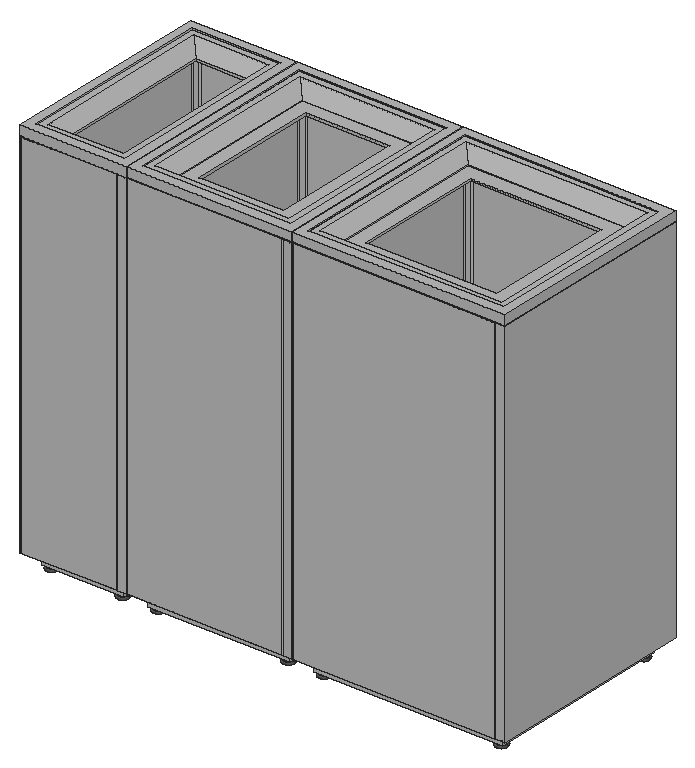
Revit family "REVIT-MG-1063-Valuta-", category Furniture, Revit 2016
Family settings
  OmniClass Number = 23.40.20.00
  OmniClass Title = General Furniture and Specialties
  Work Plane-Based = No
  Always vertical = Yes
  Cut with Voids When Loaded = No
  Shared = No
  Room Calculation Point = No
Parameters (values of type "MG-1063")
  URL = "www.magnusongroup.com"
  Type Comments = "Stand Alone"  # constant formula
  Salvage or Reuse = yes
  Percentage of Recycled Content = 0
  Model = "MG-1063"
  Manufacturer = "Magnuson Group"  # constant formula
  Low Emitting Material = yes
  Low Emitting Finish = yes
  Revit File Built By = "https://servex-us.com/servex-revit/"
  Description = "Valuta Waste Receptacle"
Reference planes (in)
  plane 1 "Center Front/Back": y = 0
  plane 2: z = 0
  plane 3 "Center Left/Right": x = 0
Dimensions and locks (in)
  aligned and locked: level to plane 2
Nested families (in)
  nested 1: "Magnuson-Valuta_1814L" at (16, -9, 0), type "VA1814L-Waste"
    with Sign Holder Magnetic no, Sign Holder Acrylic no
  nested 2: "Magnuson-Valuta_1809L" at (4.5, -9, 0), type "VA1809L-Waste"
    with Sign Holder Magnetic no, Sign Holder Acrylic no
  nested 3: "Magnuson-Valuta_1818L" at (32, -9, 0), type "VA1818L-Waste"
    with Sign Holder Magnetic no, Sign Holder Acrylic no
Definition of nested family "Magnuson-Valuta_1814L"
  Parameters (values of type "VA1814L-Circle")
    Width = 14"
    Waste = no
    URL = "www.magnusongroup.com"
    Type Comments = "Valuta"  # constant formula
    Top Finish = none
    Top 2 = or(Security, Security 45°)  # no
    Top 1 = not(or(Security, Security 45°))  # yes
    Support Finish = none
    Sign Holder Magnetic [instance] = no
    Sign Holder Acrylic [instance] = no
    Security 45° = no
    Security = no
    Revit File Built By = "https://servex-us.com/servex-revit/"
    Paper/Circle 45° = no
    Paper/Circle = no
    Paper 45° = no
    Paper = no
    Model = "VA1814L-Circle"
    Manufacturer = "Magnuson Group"  # constant formula
    Magnetic Finish = none
    Lock Finish = none
    Laminate = yes
    Keynote = "12500"
    Height = 33 3/4"
    Glide Finish = none
    Dist Sec = if(or(Security, Security 45°), Width - 1", 1/32")  # 1/32"
    Description = "32 gallon body waste receptacle - circle opening - internal rigid liner."
    Depth = 18"
    Cost = 0  # constant formula
    Circle = yes
    Body Finish = none
    Base Finish = none
    Assembly Code = "E2020200"
    Acrylic Finish = none
  Types (5): name | Waste | Top 2 | Top 1 | Security | Paper/Circle | Paper | Model | Dist Sec | Description | Circle
    VA1814L-Sec | no | yes | no | yes | no | no | "VA1814L-Sec" | 13" | "32 gallon body waste receptacle - internal rigid liner - locking top 1/2\" wide opening." | no
    VA1814L-Circle | no | no | yes | no | no | no | "VA1814L-Circle" | 1/32" | "32 gallon body waste receptacle - circle opening - internal rigid liner." | yes
    VA1814L-Waste | yes | no | yes | no | no | no | "VA1814L-Waste" | 1/32" | "32 gallon body waste receptacle - waste opening - internal rigid liner." | no
    VA1814L-Paper-Circle | no | no | yes | no | yes | no | "VA1814L-Paper-Circle" | 1/32" | "32 gallon body waste receptacle - paper/circle opening - internal rigid liner." | no
    VA1814L-Paper | no | no | yes | no | no | yes | "VA1814L-Paper" | 1/32" | "32 gallon body waste receptacle - paper opening - internal rigid liner." | no
  Reference planes (in)
    plane 1 "Center (Front/Back)": y = 0
    plane 2: z = 0
    plane 3 "Center (Left/Right)": x = 0
    plane 4: y = -9
    plane 5: y = 9
    plane 6: x = -7
    plane 7: x = 7
    plane 8: z = 33.75
    plane 9: z = 0.3467
    plane 10: z = 1.3652
    plane 11: z = 1.4252
    plane 12: z = 19
    plane 13: y = 7.5
    plane 14: y = -7.5
    plane 15: x = -5.5
    plane 16: x = 5.5
    plane 17: z = 32.86
  Forms (in)
    Extrusion 1, solid, material <- "Body Finish"
      sketch origin (0, 0, 0) x (1, 0, 0) y (0, 1, 0)
        loop
          line (-7, 9) -> (-7, -9) -> (6.15548, -9) -> (6.22548, -8.93) -> (6.64, -8.93) -> (6.64, -8.895) -> (6.21099, -8.895) -> (6.14099, -8.965) -> (-6.965, -8.965) -> (-6.965, 8.965) -> (-6.25, 8.965) -> (-6.25, 9) -> (-7, 9)
        loop
          line (7, -9) -> (7, 9) -> (-6.13557, 9) -> (-6.20557, 8.93) -> (-6.64, 8.93) -> (-6.64, 8.895) -> (-6.19107, 8.895) -> (-6.12107, 8.965) -> (6.965, 8.965) -> (6.965, -8.965) -> (6.25, -8.965) -> (6.25, -9) -> (7, -9)
      from 1.3652 to 32.86
    Sweep 2, solid, material <- "Base Finish"
      path origin (0, 0, 0) x (1, 0, 0) y (0, 1, 0)
        loop
          line (-6, 8) -> (-6, -8) -> (6, -8) -> (6, 8) -> (-6, 8)
      profile origin (0, 8, 0) x (0, 1, 0) y (0, 0, 1)
        loop
          line (0, 0.3467) -> (0, 1.3652) -> (-1, 1.3652) -> (-1, 0.3467) -> (0, 0.3467)
    Extrusion 3, solid, material <- "Body Finish"
      sketch origin (0, 0, 0) x (1, 0, 0) y (0, 1, 0)
        loop
          line (-6.965, 8.965) -> (-6.965, -8.965) -> (6.965, -8.965) -> (6.965, 8.965) -> (-6.965, 8.965)
      from 1.3652 to 1.4252
    Sweep 4, solid, material <- "Top Finish"
      path origin (0, 0, 24.76772) x (1, 0, 0) y (0, 1, 0)
        loop
          line (-7, 9) -> (-7, -9) -> (7, -9) -> (7, 9) -> (-7, 9)
      profile origin (-7, 0, 24.76772) x (1, 0, 0) y (0, 0, 1)
        loop
          line (2.20362, 7.825) -> (1.30862, 8.89163) -> (0.75, 8.89163) -> (0.75, 8.98228) -> (0, 8.98228) -> (0, 8.15478) -> (0.0625, 8.09228) -> (1.71827, 8.09228) -> (2.11036, 7.625) -> (2.20362, 7.625) -> (2.20362, 7.825)
    Revolve 5, solid, material <- "Glide Finish"
      sketch origin (-7.5, 7.5, 47.24409) x (-1, 0, 0) y (0, 0, 1)
        loop
          line (-2, -46.62239) -> (-2.09, -46.62239) -> (-2.09, -47.08409) -> (-2.42983, -47.08409)
          arc (-2.42983, -47.08409) -> (-2.50983, -47.16409) -> (-2.42983, -47.24409) r 0.08
          line (-2.42983, -47.24409) -> (-2, -47.24409) -> (-2, -46.62239)
        axis (-2, -47.24409) -> (-2, -46.62239)
      angle from 0 to 360
    Extrusion 6, solid, material <- "Glide Finish"
      sketch origin (-0.175, 0.175, 0) x (1, 0, 0) y (0, 1, 0)
        loop
          line (-5.70347, 7.325) -> (-5.51423, 6.99724) -> (-5.13577, 6.99724) -> (-4.94653, 7.325) -> (-5.13577, 7.65276) -> (-5.51423, 7.65276) -> (-5.70347, 7.325)
      from 0.16 to 0.32
    Extrusion 7, solid, material <- "Glide Finish"
      sketch origin (14.825, 0.175, 0) x (1, 0, 0) y (0, 1, 0)
        loop
          line (-9.70347, 7.325) -> (-9.51423, 6.99724) -> (-9.13577, 6.99724) -> (-8.94653, 7.325) -> (-9.13577, 7.65276) -> (-9.51423, 7.65276) -> (-9.70347, 7.325)
      from 0.16 to 0.32
    Revolve 8, solid, material <- "Glide Finish"
      sketch origin (7.5, 7.5, 47.24409) x (-1, 0, 0) y (0, 0, 1)
        loop
          line (2, -46.62239) -> (1.91, -46.62239) -> (1.91, -47.08409) -> (1.57017, -47.08409)
          arc (1.57017, -47.08409) -> (1.49017, -47.16409) -> (1.57017, -47.24409) r 0.08
          line (1.57017, -47.24409) -> (2, -47.24409) -> (2, -46.62239)
        axis (2, -47.24409) -> (2, -46.62239)
      angle from 0 to 360
    Extrusion 9, solid, material <- "Glide Finish"
      sketch origin (-0.175, -14.825, 0) x (1, 0, 0) y (0, 1, 0)
        loop
          line (-5.70347, 7.325) -> (-5.51423, 6.99724) -> (-5.13577, 6.99724) -> (-4.94653, 7.325) -> (-5.13577, 7.65276) -> (-5.51423, 7.65276) -> (-5.70347, 7.325)
      from 0.16 to 0.32
    Extrusion 10, solid, material <- "Glide Finish"
      sketch origin (14.825, -14.825, 0) x (1, 0, 0) y (0, 1, 0)
        loop
          line (-9.70347, 7.325) -> (-9.51423, 6.99724) -> (-9.13577, 6.99724) -> (-8.94653, 7.325) -> (-9.13577, 7.65276) -> (-9.51423, 7.65276) -> (-9.70347, 7.325)
      from 0.16 to 0.32
    Revolve 11, solid, material <- "Glide Finish"
      sketch origin (-7.5, -7.5, 47.24409) x (-1, 0, 0) y (0, 0, 1)
        loop
          line (-2, -46.62239) -> (-2.09, -46.62239) -> (-2.09, -47.08409) -> (-2.42983, -47.08409)
          arc (-2.42983, -47.08409) -> (-2.50983, -47.16409) -> (-2.42983, -47.24409) r 0.08
          line (-2.42983, -47.24409) -> (-2, -47.24409) -> (-2, -46.62239)
        axis (-2, -47.24409) -> (-2, -46.62239)
      angle from 0 to 360
    Revolve 12, solid, material <- "Glide Finish"
      sketch origin (-7.5, -7.5, 47.24409) x (-1, 0, 0) y (0, 0, 1)
        loop
          line (-13, -46.62239) -> (-13.09, -46.62239) -> (-13.09, -47.08409) -> (-13.42983, -47.08409)
          arc (-13.42983, -47.08409) -> (-13.50983, -47.16409) -> (-13.42983, -47.24409) r 0.08
          line (-13.42983, -47.24409) -> (-13, -47.24409) -> (-13, -46.62239)
        axis (-13, -47.24409) -> (-13, -46.62239)
      angle from 0 to 360
    Extrusion 13, solid, material <- "Top Finish"
      sketch origin (0, 0, 0) x (0, 1, 0) y (0, 0, 1)
        loop
          line (-6.5, 32.49272) -> (-6.5, 32.59272) -> (-6.93456, 33.65935) -> (-7.73357, 33.65935) -> (-7.73357, 32.49272) -> (-6.5, 32.49272)
      from -6.5 to -6.46875
    Extrusion 14, solid, material <- "Lock Finish", visible <- "Top 2"
      sketch origin (0, 0, 0) x (1, 0, 0) y (0, 1, 0)
        loop
          circle (0, -7.59228) r 0.25
      from 33.75 to 33.8125
  Cuts and joins
    joined: Sweep 4, Extrusion 13
  Lines and regions (in)
    symbolic lines
      curve 1: line (7, 9, 0) -> (-7, 9, 0)
      curve 2: line (-7, -9, 0) -> (7, -9, 0)
      curve 3: line (6.25, 8.25, 0) -> (6.25, -8.25, 0)
      curve 4: line (6.25, -8.25, 0) -> (-6.25, -8.25, 0)
      curve 5: line (-6.25, -8.25, 0) -> (-6.25, 8.25, 0)
      curve 6: line (5.69138, 7.69138, 0) -> (-5.69138, 7.69138, 0)
      curve 7: line (-6.25, 8.25, 0) -> (6.25, 8.25, 0)
      curve 8: line (-5.69138, 7.69138, 0) -> (-5.69138, -6.93456, 0)
      curve 11: line (-4.79638, 6.79638, 0) -> (4.79638, 6.79638, 0)
      curve 13: line (4.79638, 6.79638, 0) -> (4.79638, -6.5, 0)
      curve 17: line (-5.69138, 7.69138, 0) -> (-4.79638, 6.79638, 0)
      curve 18: line (5.69138, 7.69138, 0) -> (4.79638, 6.79638, 0)
      curve 24: line (5.69138, -6.93456, 0) -> (5.69138, 7.69138, 0)
      curve 25: line (-4.79638, -6.5, 0) -> (-4.79638, 6.79638, 0)
      curve 33: line (-7, 9, 0) -> (-7, -9, 0)
      curve 34: line (7, -9, 0) -> (7, 9, 0)
    symbolic lines, visible <- "Top 1"
      curve 9: line (5.69138, -7.69138, 0) -> (5.69138, -6.93456, 0)
      curve 10: line (-5.69138, -7.69138, 0) -> (5.69138, -7.69138, 0)
      curve 12: line (-4.79638, -6.79638, 0) -> (-4.79638, -6.5, 0)
      curve 14: line (4.79638, -6.79638, 0) -> (-4.79638, -6.79638, 0)
      curve 15: line (5.69138, -7.69138, 0) -> (4.79638, -6.79638, 0)
      curve 16: line (-4.79638, -6.79638, 0) -> (-5.69138, -7.69138, 0)
      curve 23: line (-5.69138, -6.93456, 0) -> (-5.69138, -7.69138, 0)
      curve 26: line (4.79638, -6.5, 0) -> (4.79638, -6.79638, 0)
    symbolic lines, detail levels fine
      curve 19: circle (-5.5, 7.5, 0) r 0.50866 normal (0, 0, 1)
      curve 20: circle (5.5, 7.5, 0) r 0.50866 normal (0, 0, -1)
      curve 21: circle (-5.5, -7.5, 0) r 0.50866 normal (0, 0, -1)
      curve 22: circle (5.5, -7.5, 0) r 0.50866 normal (0, 0, 1)
    symbolic lines, visible <- "Top 2"
      curve 27: line (-5.69138, -6.93456, 0) -> (5.69138, -6.93456, 0)
      curve 28: line (4.79638, -6.5, 0) -> (5.69138, -6.93456, 0)
      curve 29: line (4.79638, -6.5, 0) -> (-4.79638, -6.5, 0)
      curve 30: line (-4.79638, -6.5, 0) -> (-5.69138, -6.93456, 0)
      curve 31: arc (0.25, -7.59228, 0) -> (0, -7.34228, 0) -> (-0.25, -7.59228, 0) r 0.25
      curve 32: arc (-0.25, -7.59228, 0) -> (0, -7.84228, 0) -> (0.25, -7.59228, 0) r 0.25
  Dimensions and locks (in)
    equal spacing: plane 5, plane 1 "Center (Front/Back)", plane 4
    "Depth": plane 5 to plane 4
    equal spacing: plane 6, plane 3 "Center (Left/Right)", plane 7
    "Width": plane 6 to plane 7
    "Height": plane 8 to plane 2
    locked: plane 12 to level at 19
    plane 6 to Extrusion 1 sketch curve to Extrusion 1 sketch curve to Extrusion 1 sketch curve to Extrusion 1 sketch curve to Extrusion 1 sketch curve = 0.36" locked, 0.43443" locked, 0.0145" locked, 0.0555" locked, 0.0145" locked
    plane 5 to Extrusion 1 sketch curve to Extrusion 1 sketch curve to Extrusion 1 sketch curve = 0.035" locked, 0.035" locked, 0.035" locked
    locked: Extrusion 1 sketch curve to plane 5 at 0.035
    locked: Extrusion 1 sketch curve to plane 7 at 0.035
    plane 4 to Extrusion 1 sketch curve to Extrusion 1 sketch curve to Extrusion 1 sketch curve to Extrusion 1 sketch curve = 0.035" locked, 0" locked, 0.035" locked, 0.035" locked
    plane 7 to Extrusion 1 sketch curve to Extrusion 1 sketch curve to Extrusion 1 sketch curve to Extrusion 1 sketch curve to Extrusion 1 sketch curve = 0.36" locked, 0.41452" locked, 0.0145" locked, 0.0555" locked, 0.0145" locked
    locked: plane 6 to plane 15 at 1.5
    locked: plane 16 to plane 7 at 1.5
    locked: plane 5 to plane 13 at 1.5
    locked: plane 4 to plane 14 at 1.5
    plane 15 to Revolve 5 sketch curve to Revolve 5 sketch curve = 0.09" locked, 87/256" locked
    Extrusion 6 sketch curve to Extrusion 6 sketch curve to Extrusion 6 sketch curve to plane 15 to Extrusion 6 sketch curve to Extrusion 6 sketch curve to Extrusion 6 sketch curve = 0.18923" locked, 0" locked, 0.18923" locked, 0.18923" locked, 0" locked, 0.18923" locked
    Extrusion 6 sketch curve to Extrusion 6 sketch curve to Extrusion 6 sketch curve to plane 13 to Extrusion 6 sketch curve = 0.32776" locked, 0" locked, 0" locked, 0.32776" locked
    plane 16 to Revolve 8 sketch curve to Revolve 8 sketch curve = 0.09" locked, 87/256" locked
    Extrusion 9 sketch curve to Extrusion 9 sketch curve to Extrusion 9 sketch curve to plane 15 to Extrusion 9 sketch curve to Extrusion 9 sketch curve to Extrusion 9 sketch curve = 0.18923" locked, 0" locked, 0.18923" locked, 0.18923" locked, 0" locked, 0.18923" locked
    Extrusion 9 sketch curve to Extrusion 9 sketch curve to Extrusion 9 sketch curve to plane 14 to Extrusion 9 sketch curve = 0.32776" locked, 0" locked, 0" locked, 0.32776" locked
    Extrusion 7 sketch curve to Extrusion 7 sketch curve to Extrusion 7 sketch curve to plane 13 to Extrusion 7 sketch curve = 0.32776" locked, 0" locked, 0" locked, 0.32776" locked
    Extrusion 7 sketch curve to Extrusion 7 sketch curve to Extrusion 7 sketch curve to plane 16 to Extrusion 7 sketch curve to Extrusion 7 sketch curve to Extrusion 7 sketch curve = 0.18923" locked, 0" locked, 0.18923" locked, 0.18923" locked, 0" locked, 0.18923" locked
    Extrusion 10 sketch curve to Extrusion 10 sketch curve to Extrusion 10 sketch curve to plane 14 to Extrusion 10 sketch curve = 0.32776" locked, 0" locked, 0" locked, 0.32776" locked
    Extrusion 10 sketch curve to Extrusion 10 sketch curve to Extrusion 10 sketch curve to plane 16 to Extrusion 10 sketch curve to Extrusion 10 sketch curve to Extrusion 10 sketch curve = 0.18923" locked, 0" locked, 0.18923" locked, 0.18923" locked, 0" locked, 0.18923" locked
    plane 15 to Revolve 11 sketch curve to Revolve 11 sketch curve = 0.09" locked, 87/256" locked
    plane 16 to Revolve 12 sketch curve to Revolve 12 sketch curve = 0.09" locked, 87/256" locked
    plane 8 to Sweep 4 sketch curve to Sweep 4 sketch curve to Sweep 4 sketch curve = 0.09065" locked, 1.06663" locked, 0.2" locked
    plane 11 to plane 10 to plane 9 to level = 0.06" locked, 1.0185" locked, 0.3467" locked
    locked: plane 8 to plane 17 at 0.89
    Extrusion 13 sketch curve to Extrusion 13 sketch curve to plane 14 to Extrusion 13 sketch curve = 0.43456" locked, 0.56544" locked, 0.23357" locked
    Extrusion 13 sketch curve to Extrusion 13 sketch curve to Extrusion 13 sketch curve to plane 8 = 0.1" locked, 1.06663" locked, 0.09065" locked
    locked: plane 6 to Extrusion 13 at 0.5
    "Dist Sec": Extrusion 13 to Extrusion 13
    locked: Extrusion 14 to plane 8 at 0.0625
    locked: Extrusion 14 sketch curve to plane 14 at 0.09228
    aligned and locked: level to plane 2
    aligned and locked: plane 5 to Extrusion 1 sketch curve
    aligned and locked: Extrusion 1 sketch curve to plane 6
    aligned and locked: plane 4 to Extrusion 1 sketch curve
    aligned and locked: Extrusion 1 sketch curve to plane 7
    aligned and locked: Extrusion 1 to plane 10
    aligned and locked: profile plane to Sweep 2 sketch curve
    aligned and locked: Extrusion 3 sketch curve to Extrusion 1  (x4)
    aligned and locked: Extrusion 3 to plane 10
    aligned and locked: plane 11 to Extrusion 3
    aligned and locked: Sweep 2 sketch curve to plane 9
    aligned and locked: Sweep 4 sketch curve to plane 5
    aligned and locked: plane 6 to Sweep 4 sketch curve
    aligned and locked: plane 7 to Sweep 4 sketch curve
    aligned and locked: Sweep 4 sketch curve to plane 4
    aligned and locked: plane 3 "Center (Left/Right)" to nested 1
    aligned and locked: plane 15 to Revolve 5 sketch curve
    aligned and locked: Revolve 5 sketch curve to plane 15
    aligned and locked: Revolve 8 sketch curve to plane 16
    aligned and locked: plane 16 to Revolve 8 sketch curve
    aligned and locked: plane 15 to Revolve 11 sketch curve
    aligned and locked: Revolve 11 sketch curve to plane 15
    aligned and locked: Revolve 12 sketch curve to plane 16
    aligned and locked: plane 16 to Revolve 12 sketch curve
    aligned and locked: curve 1 to Sweep 4
    aligned and locked: curve 2 to Sweep 4
    aligned and locked: curve 3 to Sweep 4
    aligned and locked: curve 4 to Sweep 4
    aligned and locked: curve 5 to Sweep 4
    aligned and locked: curve 6 to Sweep 4
    aligned and locked: curve 7 to Sweep 4
    aligned and locked: curve 8 to Sweep 4
    aligned and locked: curve 9 to Sweep 4
    aligned and locked: curve 10 to Sweep 4
    aligned and locked: curve 11 to Sweep 4
    aligned and locked: curve 12 to Sweep 4
    aligned and locked: curve 13 to Sweep 4
    aligned and locked: curve 14 to Sweep 4
    aligned and locked: curve 15 to Sweep 4
    aligned and locked: curve 16 to Sweep 4
    aligned and locked: curve 17 to Sweep 4
    aligned and locked: curve 18 to Sweep 4
    aligned and locked: plane 15 to curve 19
    aligned and locked: plane 13 to curve 19
    aligned and locked: plane 16 to curve 20
    aligned and locked: plane 13 to curve 20
    aligned and locked: plane 14 to curve 21
    aligned and locked: plane 15 to curve 21
    aligned and locked: plane 16 to curve 22
    aligned and locked: plane 14 to curve 22
    aligned and locked: plane 17 to Sweep 4 sketch curve
    aligned and locked: Extrusion 1 to plane 17
    aligned and locked: Sweep 2 sketch curve to plane 10
    aligned and locked: plane 3 "Center (Left/Right)" to nested 2
    aligned and locked: plane 8 to nested 2
    aligned and locked: plane 5 to nested 2
    aligned and locked: plane 3 "Center (Left/Right)" to Extrusion 14 sketch curve
    aligned and locked: Extrusion 14 to plane 8
    aligned and locked: curve 31 to Extrusion 14
    aligned and locked: curve 32 to Extrusion 14
    aligned and locked: curve 33 to Extrusion 1
    aligned and locked: curve 34 to Extrusion 1
  Automatic sketch dimensions
    Extrusion 1 sketch curve to plane 4 = 0"
    plane 5 to Extrusion 1 sketch curve = 0"
    Extrusion 1 sketch curve to plane 6 = 0.035"
    Extrusion 1 sketch curve to Extrusion 1 sketch curve = 0.04443"
    Extrusion 1 sketch curve to Extrusion 1 sketch curve = 0.02452"
    Sweep 2 sketch curve to plane 15 = 1/2"
    Sweep 2 sketch curve to plane 16 = 1/2"
    plane 14 to Sweep 2 sketch curve = 1/2"
    plane 13 to Sweep 2 sketch curve = 1/2"
    profile plane to Sweep 2 sketch curve = 1"
    Revolve 5 sketch curve to level = 0"
    level to Revolve 5 sketch curve = 0.08"
    plane 9 to Revolve 5 sketch curve = 0.275"
    Revolve 5 sketch curve to Revolve 5 sketch curve = 0.81571"
    plane 11 to Revolve 5 sketch curve = 0.99907"
    Revolve 8 sketch curve to level = 0"
    level to Revolve 8 sketch curve = 0.08"
    plane 9 to Revolve 8 sketch curve = 0.275"
    Revolve 8 sketch curve to Revolve 8 sketch curve = 0.81571"
    plane 11 to Revolve 8 sketch curve = 0.99907"
    Revolve 11 sketch curve to level = 0"
    Revolve 11 sketch curve to Revolve 11 sketch curve = 0.08"
    Revolve 11 sketch curve to plane 9 = 0.275"
    level to Revolve 11 sketch curve = 0.81571"
    Revolve 11 sketch curve to plane 11 = 0.99907"
    Revolve 12 sketch curve to level = 0"
    Revolve 12 sketch curve to Revolve 12 sketch curve = 0.08"
    Revolve 12 sketch curve to plane 9 = 0.275"
    level to Revolve 12 sketch curve = 0.81571"
    Revolve 12 sketch curve to plane 11 = 0.99907"
    profile plane to Sweep 4 sketch curve = 0"
    Sweep 4 sketch curve to profile plane = 3/4"
    Sweep 4 sketch curve to Sweep 4 sketch curve = 0.55862"
    Sweep 4 sketch curve to Sweep 4 sketch curve = 0.40965"
    Sweep 4 sketch curve to Sweep 4 sketch curve = 0.39209"
    Sweep 4 sketch curve to Sweep 4 sketch curve = 0.09326"
    Sweep 4 sketch curve to Sweep 4 sketch curve = 0.09065"
    Sweep 4 sketch curve to profile plane = 1/16"
    Sweep 4 sketch curve to Sweep 4 sketch curve = 1/16"
    curve 9 to plane 14 = 0.56544"
    curve 12 to curve 12 = 0.29638"
    radius of Extrusion 14 sketch curve = 1/4"
    radius of curve 19 = 0.50866"
    radius of curve 20 = 0.50866"
    radius of curve 21 = 0.50866"
    radius of curve 22 = 0.50866"
  Nested families (in)
    nested 1: "Laminate" at (0, 0, 0), Top Finish <- "Top Finish", Width <- "Width", Height <- "Height", Depth <- "Depth", Paper 45° <- "Paper 45°", Laminate <- "Laminate", Paper/Circle <- "Paper/Circle", Paper <- "Paper", Circle <- "Circle", Waste <- "Waste", Paper 45°/Circle <- "Paper/Circle 45°", Security <- "Security", Security 45° <- "Security 45°", type "Laminate"
      with Width Waste 15", Width Sec 45° 60", Width Sec 50", Width Paper 45° 40", Width Paper 30", Width Circle 0", Width 14", Waste no, W Wasted 7 1/8", Top Finish none, Security 45° no, Security no, Paper/Circle no, Paper 45°/Circle no, Paper 45° no, Paper no, P2 no, P1 no, Linea PC45° 20", Linea PC 30", Laminate yes, Height 33 3/4", Dist Waste 10", Dist Sec 45° 10", Dist Sec 10", Dist Paper 45° 10", Dist Paper 10", Dist Circle 30", Depth 18", D Wasted 11 1/4", Circle yes, C1 yes
    nested 2: "Sign Holder" at (0, 9, -6.69357), Support Finish <- "Support Finish", Sign Holder Acrylic <- "Sign Holder Acrylic", Sign Holder Magnetic <- "Sign Holder Magnetic", Acrylic Finish <- "Acrylic Finish", Magnetic Finish <- "Magnetic Finish", type "Sign Holder"
      with Support Finish none, Sign Holder Magnetic no, Sign Holder Acrylic no, Magnetic Finish none, Acrylic Finish none
  Definition of nested family "Laminate"
    Parameters (values of type "Laminate")
      Width Waste [instance] = if(Waste, 0", 15")  # 15"
      Width Sec 45° [instance] = if(Security 45°, 0", 60")  # 60"
      Width Sec [instance] = if(Security, 0", 50")  # 50"
      Width Paper 45° [instance] = if(or([Paper 45°/Circle], Paper 45°), 0", 40")  # 40"
      Width Paper [instance] = if(or([Paper/Circle], Paper), 0", 30")  # 30"
      Width Circle [instance] = if(or([Paper/Circle], [Paper 45°/Circle], Circle), 0", 25")  # 25"
      Width [instance] = 18"
      Waste [instance] = no
      W Wasted [instance] = if(and(Width = 14", Depth = 18"), 7 1/8", 11 1/16")  # 11 1/16"
      Top Finish [instance] = none
      Security 45° [instance] = no
      Security [instance] = no
      Paper 45°/Circle [instance] = no
      Paper 45° [instance] = no
      P2 [instance] = Paper  # no
      P1 [instance] = Paper 45°  # no
      Linea PC45° [instance] = if([Paper 45°/Circle], 0", 20")  # 20"
      Linea PC [instance] = if([Paper/Circle], 0", 30")  # 30"
      Laminate [instance] = no
      URL = ""
      Type Comments = ""
      Paper/Circle [instance] = no
      Paper [instance] = no
      Model = ""
      Manufacturer = ""
      Keynote = ""
      Height [instance] = 26 1/8"
      Dist Waste [instance] = if(Waste, 30", 10")  # 10"
      Dist Sec 45° [instance] = if(Security 45°, 30", 10")  # 10"
      Dist Sec [instance] = if(Security, 30", 10")  # 10"
      Dist Paper [instance] = if(or([Paper/Circle], Paper), 30", 10")  # 10"
      Dist Paper 45° [instance] = if(or([Paper 45°/Circle], Paper 45°), 30", 10")  # 10"
      Dist Circle [instance] = if(or([Paper/Circle], [Paper 45°/Circle], Circle), 30", 10")  # 10"
      Description = ""
      Depth [instance] = 18"
      D Wasted [instance] = if(and(Width = 14", Depth = 18"), 11 1/4", 11 1/16")  # 11 1/16"
      Cost = 0  # constant formula
      Circle [instance] = no
      C1 [instance] = and(Circle)  # no
      Assembly Code = ""
    Reference planes (in)
      plane 1 "Center (Front/Back)": y = 0
      plane 2: z = 0
      plane 3 "Center (Left/Right)": x = 0
      plane 4: y = -9
      plane 5: y = 9
      plane 6: x = -9
      plane 7: x = 9
      plane 8: z = 26.125
      plane 9: z = 3
      plane 10: x = 40
      plane 11: x = 30
      plane 12: x = 25
      plane 13: x = 15
      plane 14: x = -20
      plane 15: x = -30
      plane 16: x = 50
      plane 17: x = 60
    Forms (in)
      Extrusion 1, solid, material <- "Top Finish", visible <- "Laminate"
        sketch origin (0, 0, 0) x (1, 0, 0) y (0, 1, 0)
          loop
            line (-6.79638, 6.79638) -> (-6.79638, -6.79638) -> (6.79638, -6.79638) -> (6.79638, 6.79638) -> (-6.79638, 6.79638)
        from 24.76772 to 24.96772
      Extrusion 2, void
        sketch origin (0, 0, 0) x (1, 0, 0) y (0, 1, 0)
          loop
            circle (25, 0) r 2.125
        from 3 to 13
      Extrusion 3, void
        sketch origin (-27, 0, 0) x (1, 0, 0) y (0, 1, 0)
          loop
            line (61.67368, 3.91211) -> (70.91211, -5.32632) -> (72.52427, -5.52427) -> (72.32632, -3.91211) -> (63.08789, 5.32632) -> (61.47573, 5.52427) -> (61.67368, 3.91211)
        from 3 to 13
      Extrusion 4, void
        sketch origin (35, 0, 0) x (1, 0, 0) y (0, 1, 0)
          loop
            line (-6, 5.5) -> (-6, -5.5) -> (-4, -5.5) -> (-4, 5.5) -> (-6, 5.5)
        from 3 to 13
      Extrusion 5, void
        sketch origin (26, 0, 0) x (1, 0, 0) y (0, 1, 0)
          loop
            line (-16.53125, 5.53125) -> (-16.53125, -5.53125) -> (-5.46875, -5.53125) -> (-5.46875, 5.53125) -> (-16.53125, 5.53125)
        from 3 to 13
      Extrusion 6, void
        sketch origin (0, 0, 0) x (1, 0, 0) y (0, 1, 0)
          loop
            line (49.75, 5.5) -> (49.75, -5.5) -> (50.25, -5.5) -> (50.25, 5.5) -> (49.75, 5.5)
        from 3 to 13
      Extrusion 7, void
        sketch origin (0, 0, 0) x (1, 0, 0) y (0, 1, 0)
          loop
            line (54.86697, 4.77658) -> (64.7663, -5.12275) -> (65.13305, -5.13374) -> (65.12207, -4.76699) -> (55.22342, 5.13303) -> (54.86697, 5.13303) -> (54.86697, 4.77658)
        from 3 to 13
    Cuts and joins
      Extrusion 2, Extrusion 3, Extrusion 4, Extrusion 5, Extrusion 6, Extrusion 7 cuts Extrusion 1
    Lines and regions (in)
      symbolic lines, visible <- "Laminate"
        curve 1: line (6.79638, 6.79638, 0) -> (-6.79638, 6.79638, 0)
        curve 2: line (-6.79638, 6.79638, 0) -> (-6.79638, -6.79638, 0)
        curve 3: line (-6.79638, -6.79638, 0) -> (6.79638, -6.79638, 0)
        curve 4: line (6.79638, -6.79638, 0) -> (6.79638, 6.79638, 0)
      symbolic lines, visible <- "Paper 45°/Circle"
        curve 5: line (-25.52427, 5.52427, 0) -> (-25.32632, 3.91211, 0)
        curve 6: line (-25.32632, 3.91211, 0) -> (-22.03293, 0.61872, 0)
        curve 7: line (-23.91211, 5.32632, 0) -> (-25.52427, 5.52427, 0)
        curve 8: line (-14.67368, -3.91211, 0) -> (-17.96707, -0.61872, 0)
        curve 9: arc (-22.03293, 0.61872, 0) -> (-21.5026, -1.5026, 0) -> (-19.38128, -2.03293, 0) r 2.125
        curve 10: arc (-17.96707, -0.61872, 0) -> (-18.4974, 1.5026, 0) -> (-20.61872, 2.03293, 0) r 2.125
        curve 11: line (-16.08789, -5.32632, 0) -> (-14.47573, -5.52427, 0)
        curve 12: line (-14.47573, -5.52427, 0) -> (-14.67368, -3.91211, 0)
        curve 13: line (-19.38128, -2.03293, 0) -> (-16.08789, -5.32632, 0)
        curve 14: line (-20.61872, 2.03293, 0) -> (-23.91211, 5.32632, 0)
      symbolic lines, visible <- "Paper/Circle"
        curve 15: line (-31, 1.875, 0) -> (-31, 5.5, 0)
        curve 16: line (-31, 5.5, 0) -> (-29, 5.5, 0)
        curve 17: line (-29, 5.5, 0) -> (-29, 1.875, 0)
        curve 18: line (-29, -1.875, 0) -> (-29, -5.5, 0)
        curve 19: line (-29, -5.5, 0) -> (-31, -5.5, 0)
        curve 20: line (-31, -5.5, 0) -> (-31, -1.875, 0)
        curve 21: arc (-29, 1.875, 0) -> (-27.875, 0, 0) -> (-29, -1.875, 0) r 2.125
        curve 22: arc (-31, 1.875, 0) -> (-32.125, 0, 0) -> (-31, -1.875, 0) r 2.125
      symbolic lines, visible <- "C1"
        curve 23: arc (27.125, 0, 0) -> (25, 2.125, 0) -> (22.875, 0, 0) r 2.125
        curve 24: arc (22.875, 0, 0) -> (25, -2.125, 0) -> (27.125, 0, 0) r 2.125
      symbolic lines, visible <- "P2"
        curve 25: line (29, 5.5, 0) -> (29, -5.5, 0)
        curve 26: line (31, -5.5, 0) -> (31, 5.5, 0)
        curve 27: line (31, 5.5, 0) -> (29, 5.5, 0)
        curve 28: line (29, -5.5, 0) -> (31, -5.5, 0)
      symbolic lines, visible <- "P1"
        curve 29: line (34.67368, 3.91211, 0) -> (43.91211, -5.32632, 0)
        curve 30: line (43.91211, -5.32632, 0) -> (45.52427, -5.52427, 0)
        curve 31: line (45.52427, -5.52427, 0) -> (45.32632, -3.91211, 0)
        curve 32: line (45.32632, -3.91211, 0) -> (36.08789, 5.32632, 0)
        curve 33: line (36.08789, 5.32632, 0) -> (34.47573, 5.52427, 0)
        curve 34: line (34.47573, 5.52427, 0) -> (34.67368, 3.91211, 0)
      symbolic lines, visible <- "Waste"
        curve 35: line (20.53125, 5.53125, 0) -> (9.46875, 5.53125, 0)
        curve 36: line (9.46875, 5.53125, 0) -> (9.46875, -5.53125, 0)
        curve 37: line (20.53125, -5.53125, 0) -> (20.53125, 5.53125, 0)
        curve 38: line (9.46875, -5.53125, 0) -> (20.53125, -5.53125, 0)
      symbolic lines, visible <- "Security"
        curve 39: line (49.75, 5.5, 0) -> (49.75, -5.5, 0)
        curve 40: line (50.25, 5.5, 0) -> (49.75, 5.5, 0)
        curve 41: line (50.25, -5.5, 0) -> (50.25, 5.5, 0)
        curve 42: line (49.75, -5.5, 0) -> (50.25, -5.5, 0)
      symbolic lines, visible <- "Security 45°"
        curve 43: line (54.86697, 4.77658, 0) -> (64.7663, -5.12275, 0)
        curve 44: line (64.7663, -5.12275, 0) -> (65.13305, -5.13374, 0)
        curve 45: line (65.13305, -5.13374, 0) -> (65.12207, -4.76699, 0)
        curve 46: line (65.12207, -4.76699, 0) -> (55.22342, 5.13303, 0)
        curve 47: line (54.86697, 5.13303, 0) -> (54.86697, 4.77658, 0)
        curve 48: line (55.22342, 5.13303, 0) -> (54.86697, 5.13303, 0)
    Dimensions and locks (in)
      equal spacing: plane 5, plane 1 "Center (Front/Back)", plane 4
      "Depth": plane 5 to plane 4
      equal spacing: plane 6, plane 3 "Center (Left/Right)", plane 7
      "Width": plane 6 to plane 7
      "Height": plane 8 to plane 2
      plane 8 to Extrusion 1 to Extrusion 1 = 1.15728" locked, 0.2" locked
      locked: Extrusion 1 sketch curve to plane 5 at 2.20362
      locked: Extrusion 1 sketch curve to plane 7 at 2.20362
      locked: plane 6 to Extrusion 1 sketch curve at 2.20362
      locked: Extrusion 1 sketch curve to plane 4 at 2.20362
      plane 9 to level = 3"
      "Dist Circle": Extrusion 2 to plane 9
      "Dist Paper 45°": Extrusion 3 to plane 9
      "Dist Paper": Extrusion 4 to plane 9
      "Dist Waste": Extrusion 5 to plane 9
      Extrusion 3 sketch curve to Extrusion 3 sketch curve to Extrusion 3 sketch curve to plane 10 to Extrusion 3 sketch curve to Extrusion 3 sketch curve to Extrusion 3 sketch curve = 0.19795" locked, 1.41421" locked, 3.91211" locked, 3.91211" locked, 1.41421" locked, 0.19795" locked
      equal spacing: Extrusion 4 sketch curve, plane 1 "Center (Front/Back)", Extrusion 4 sketch curve, locked at 5.5 each
      equal spacing: Extrusion 4 sketch curve, plane 11, Extrusion 4 sketch curve, locked at 1 each
      "Width Paper": plane 3 "Center (Left/Right)" to plane 11
      "Width Circle": plane 3 "Center (Left/Right)" to plane 12
      equal spacing: Extrusion 5 sketch curve, plane 13, Extrusion 5 sketch curve
      "W Wasted": Extrusion 5 sketch curve to Extrusion 5 sketch curve
      equal spacing: Extrusion 5 sketch curve, plane 1 "Center (Front/Back)", Extrusion 5 sketch curve
      "D Wasted": Extrusion 5 sketch curve to Extrusion 5 sketch curve
      "Width Waste": plane 3 "Center (Left/Right)" to plane 13
      "Width Paper 45°": plane 3 "Center (Left/Right)" to plane 10
      curve 7 to curve 6 to curve 14 to curve 9 to curve 14 to plane 14 = 0.19795" locked, 1.41421" locked, 1.87918" locked, 1.41421" locked, 0.61872" locked
      plane 14 to curve 13 to curve 10 to curve 13 to curve 12 to curve 12 = 0.61872" locked, 1.41421" locked, 1.87918" locked, 1.41421" locked, 0.19795" locked
      "Linea PC45°": plane 14 to plane 3 "Center (Left/Right)"
      "Linea PC": plane 15 to plane 3 "Center (Left/Right)"
      equal spacing: curve 15, plane 15, curve 17
      equal spacing: curve 20, plane 15, curve 18
      equal spacing: Extrusion 6 sketch curve, plane 16, Extrusion 6 sketch curve, locked at 0.25 each
      Extrusion 6 sketch curve to plane 1 "Center (Front/Back)" to Extrusion 6 sketch curve = 5 1/2" locked, 5 1/2" locked
      "Dist Sec": Extrusion 6 to plane 9
      "Width Sec": plane 3 "Center (Left/Right)" to plane 16
      Extrusion 7 sketch curve to Extrusion 7 sketch curve to Extrusion 7 sketch curve to plane 17 to Extrusion 7 sketch curve to Extrusion 7 sketch curve to Extrusion 7 sketch curve = 0.01098" locked, 0.35576" locked, 4.7663" locked, 4.77658" locked, 0.35645" locked, 0" locked
      Extrusion 7 sketch curve to Extrusion 7 sketch curve to Extrusion 7 sketch curve to plane 1 "Center (Front/Back)" to Extrusion 7 sketch curve to Extrusion 7 sketch curve to Extrusion 7 sketch curve = 0.01098" locked, 0.35576" locked, 4.76699" locked, 4.77658" locked, 0.35645" locked, 0" locked
      "Dist Sec 45°": Extrusion 7 to plane 9
      "Width Sec 45°": plane 3 "Center (Left/Right)" to plane 17
      aligned and locked: level to plane 2
      aligned and locked: Extrusion 2 to plane 9
      aligned and locked: Extrusion 3 to plane 9
      aligned and locked: Extrusion 4 to plane 9
      aligned and locked: Extrusion 5 to plane 9
      aligned and locked: plane 12 to Extrusion 2 sketch curve
      aligned and locked: plane 1 "Center (Front/Back)" to Extrusion 2 sketch curve
      aligned and locked: curve 1 to cut or joined group of Extrusion 1, Extrusion 2, Extrusion 3, Extrusion 4, Extrusion 5, Extrusion 6, Extrusion 7
      aligned and locked: curve 2 to cut or joined group of Extrusion 1, Extrusion 2, Extrusion 3, Extrusion 4, Extrusion 5, Extrusion 6, Extrusion 7
      aligned and locked: curve 3 to cut or joined group of Extrusion 1, Extrusion 2, Extrusion 3, Extrusion 4, Extrusion 5, Extrusion 6, Extrusion 7
      aligned and locked: curve 4 to cut or joined group of Extrusion 1, Extrusion 2, Extrusion 3, Extrusion 4, Extrusion 5, Extrusion 6, Extrusion 7
      aligned and locked: plane 14 to curve 10
      aligned and locked: plane 1 "Center (Front/Back)" to curve 10
      aligned and locked: plane 14 to curve 9
      aligned and locked: plane 1 "Center (Front/Back)" to curve 9
      aligned and locked: plane 15 to curve 21
      aligned and locked: plane 1 "Center (Front/Back)" to curve 21
      aligned and locked: plane 15 to curve 22
      aligned and locked: plane 1 "Center (Front/Back)" to curve 22
      aligned and locked: curve 23 to Extrusion 2
      aligned and locked: curve 24 to Extrusion 2
      aligned and locked: curve 25 to Extrusion 4
      aligned and locked: curve 26 to Extrusion 4
      aligned and locked: curve 29 to Extrusion 3
      aligned and locked: curve 30 to Extrusion 3
      aligned and locked: curve 31 to Extrusion 3
      aligned and locked: curve 32 to Extrusion 3
      aligned and locked: curve 33 to Extrusion 3
      aligned and locked: curve 34 to Extrusion 3
      aligned and locked: curve 35 to Extrusion 5
      aligned and locked: curve 36 to Extrusion 5
      aligned and locked: curve 37 to Extrusion 5
      aligned and locked: curve 38 to Extrusion 5
      aligned and locked: curve 27 to Extrusion 4
      aligned and locked: curve 28 to Extrusion 4
      aligned and locked: Extrusion 6 to plane 9
      aligned and locked: curve 39 to Extrusion 6
      aligned and locked: curve 40 to Extrusion 6
      aligned and locked: curve 41 to Extrusion 6
      aligned and locked: curve 42 to Extrusion 6
      aligned and locked: Extrusion 7 to plane 9
      aligned and locked: curve 43 to Extrusion 7
      aligned and locked: curve 44 to Extrusion 7
      aligned and locked: curve 45 to Extrusion 7
      aligned and locked: curve 46 to Extrusion 7
      aligned and locked: curve 47 to Extrusion 7
      aligned and locked: curve 48 to Extrusion 7
    Automatic sketch dimensions
      plane 4 to Extrusion 3 sketch curve = 3.47573"
      Extrusion 3 sketch curve to Extrusion 3 sketch curve = 0.19795"  (x2)
      Extrusion 3 sketch curve to Extrusion 3 sketch curve = 1.61216"
      Extrusion 3 sketch curve to plane 1 "Center (Front/Back)" = 3.91211"
      Extrusion 3 sketch curve to Extrusion 3 sketch curve = 1.41421"
      plane 4 to Extrusion 4 sketch curve = 3 1/2"
      plane 11 to Extrusion 4 sketch curve = 1"
      plane 4 to curve 19 = 3 1/2"
      plane 4 to curve 12 = 3.47573"
      curve 11 to curve 11 = 0.19795"
      curve 11 to curve 8 = 1.61216"
      plane 1 "Center (Front/Back)" to curve 13 = 2.03293"
      plane 1 "Center (Front/Back)" to curve 18 = 1 7/8"
      plane 1 "Center (Front/Back)" to curve 20 = 1 7/8"
      plane 1 "Center (Front/Back)" to curve 8 = 0.61872"
      curve 6 to plane 1 "Center (Front/Back)" = 3.91211"
      curve 5 to curve 7 = 1.41421"
      curve 5 to curve 7 = 1.61216"
      plane 5 to curve 16 = 3 1/2"
      plane 15 to curve 15 = 1"
      plane 15 to curve 19 = 1"
      Extrusion 6 sketch curve to plane 16 = 1/4"
      radius of Extrusion 2 sketch curve = 2 1/8"
  Definition of nested family "Sign Holder"
    Parameters (values of type "Sign Holder")
      Support Finish [instance] = none
      Sign Holder Magnetic [instance] = yes
      Sign Holder Acrylic [instance] = yes
      Magnetic Finish [instance] = none
      Acrylic Finish [instance] = none
    Reference planes (in)
      plane 1 "Center (Front/Back)": y = 0
      plane 2: z = 0
      plane 3 "Center (Left/Right)": x = 0
      plane 4: x = -4.34375
      plane 5: x = 4.34375
      plane 6: y = 3.01425
      plane 7: z = 40.44357
      plane 8: z = 30.38104
      plane 9: z = 51.63018
    Forms (in)
      Extrusion 1, solid, material <- "Support Finish", visible <- "Sign Holder Acrylic"
        sketch origin (0, 0, 0) x (0, 1, 0) y (0, 0, 1)
          loop
            line (0, 30.38104) -> (0.11434, 30.38104) -> (0.11434, 40.41393) -> (3.01425, 51.60054) -> (2.8999, 51.63018) -> (0, 40.44357) -> (0, 30.38104)
        from -4.34375 to 4.34375
      Extrusion 2, solid, material <- "Acrylic Finish", visible <- "Sign Holder Acrylic"
        sketch origin (0, 0, 0) x (0, 1, 0) y (0, 0, 1)
          loop
            line (-0.07089, 40.484) -> (0.00535, 40.46423) -> (2.89111, 51.59628) -> (2.81487, 51.61604) -> (-0.07089, 40.484)
        from -4.31158 to 4.30579
      Extrusion 3, solid, material <- "Support Finish", visible <- "Sign Holder Magnetic"
        sketch origin (0, 0, 0) x (0, 1, 0) y (0, 0, 1)
          loop
            line (0, 30.38104) -> (0.11434, 30.38104) -> (0.11434, 40.41393) -> (3.01425, 51.60054) -> (2.8999, 51.63018) -> (0, 40.44357) -> (0, 30.38104)
        from -4.34375 to 4.34375
      Extrusion 4, solid, material <- "Magnetic Finish", visible <- "Sign Holder Magnetic"
        sketch origin (0, 0, 0) x (0, 1, 0) y (0, 0, 1)
          loop
            line (-0.02562, 40.47226) -> (0.00535, 40.46423) -> (2.89111, 51.59628) -> (2.86014, 51.60431) -> (-0.02562, 40.47226)
        from -4.31158 to 4.30579
    Lines and regions (in)
      symbolic lines, visible <- "Sign Holder Acrylic"
        curve 1: line (-4.31158, -0.07089, 0) -> (4.30579, -0.07089, 0)
        curve 2: line (-4.31158, 2.89111, 0) -> (-4.31158, -0.07089, 0)
        curve 3: line (4.30579, 2.89111, 0) -> (-4.31158, 2.89111, 0)
        curve 4: line (4.30579, -0.07089, 0) -> (4.30579, 2.89111, 0)
        curve 5: line (4.30579, 2.81487, 0) -> (-4.31158, 2.81487, 0)
        curve 6: line (-4.34375, 3.01425, 0) -> (4.34375, 3.01425, 0)
        curve 7: line (4.34375, 3.01425, 0) -> (4.34375, 0, 0)
        curve 8: line (4.34375, 0, 0) -> (4.30579, 0, 0)
        curve 9: line (-4.34375, 0, 0) -> (-4.34375, 3.01425, 0)
        curve 10: line (-4.34375, 0, 0) -> (-4.31158, 0, 0)
        curve 11: line (-4.34375, 2.8999, 0) -> (4.34375, 2.8999, 0)
      symbolic lines, visible <- "Sign Holder Magnetic"
        curve 12: line (-4.34375, 3.01425, 0) -> (4.34375, 3.01425, 0)
        curve 13: line (4.34375, 3.01425, 0) -> (4.34375, 0, 0)
        curve 14: line (4.34375, 0, 0) -> (4.30579, 0, 0)
        curve 15: line (-4.34375, 0, 0) -> (-4.34375, 3.01425, 0)
        curve 16: line (-4.34375, 0, 0) -> (-4.31158, 0, 0)
        curve 17: line (-4.34375, 2.8999, 0) -> (4.34375, 2.8999, 0)
        curve 18: line (4.30579, 2.86014, 0) -> (-4.31158, 2.86014, 0)
        curve 19: line (-4.31158, 2.89111, 0) -> (4.30579, 2.89111, 0)
        curve 20: line (-4.31158, 2.89111, 0) -> (-4.31158, -0.02562, 0)
        curve 21: line (4.30579, -0.02562, 0) -> (4.30579, 2.89111, 0)
        curve 22: line (-4.31158, -0.02562, 0) -> (4.30579, -0.02562, 0)
    Dimensions and locks (in)
      aligned and locked: plane 2 to level
      aligned and locked: Extrusion 1 to plane 4
      aligned and locked: Extrusion 1 to plane 5
      aligned and locked: curve 18 to Extrusion 4
      aligned and locked: curve 19 to Extrusion 4
      aligned and locked: curve 20 to Extrusion 4
      aligned and locked: curve 21 to Extrusion 4
      aligned and locked: curve 22 to Extrusion 4
Definition of nested family "Magnuson-Valuta_1809L"
  Parameters (values of type "VA1809L-Circle")
    Width = 9"
    Waste = no
    URL = "www.magnusongroup.com"
    Type Comments = "Valuta"  # constant formula
    Top Finish = none
    Top 2 = or(Security, Security 45°)  # no
    Top 1 = not(or(Security, Security 45°))  # yes
    Support Finish = none
    Sign Holder Magnetic [instance] = no
    Sign Holder Acrylic [instance] = no
    Security 45° = no
    Security = no
    Revit File Built By = "https://servex-us.com/servex-revit/"
    Paper/Circle 45° = no
    Paper/Circle = no
    Paper 45° = no
    Paper = no
    Model = "VA1809L-Circle"
    Manufacturer = "Magnuson Group"  # constant formula
    Magnetic Finish = none
    Lock Finish = none
    Laminate = yes
    Keynote = "12500"
    Height = 33 3/4"
    Glide Finish = none
    Dist Sec = if(or(Security, Security 45°), Width - 1", 1/32")  # 1/32"
    Description = "20 gallon body waste receptacle - circle opening - internal rigid liner."
    Depth = 18"
    Cost = 0  # constant formula
    Circle = yes
    Body Finish = none
    Base Finish = none
    Assembly Code = "E2020200"
    Acrylic Finish = none
  Types (5): name | Top 2 | Top 1 | Sign Holder Magnetic | Security | Paper/Circle | Paper | Model | Laminate | Dist Sec | Description | Circle
    VA1809L-Sec | yes | no | yes | yes | no | no | "VA1809L-Sec" | yes | 8" | "20 gallon body waste receptacle - internal rigid liner - locking top with 1/2\" wide opening." | no
    VA1809L-Circle | no | yes | no | no | no | no | "VA1809L-Circle" | yes | 1/32" | "20 gallon body waste receptacle - circle opening - internal rigid liner." | yes
    VA1809L-Paper | no | yes | yes | no | no | yes | "VA1809L-Paper" | yes | 1/32" | "20 gallon body waste receptacle - paper opening - internal rigid liner." | no
    VA1809L-Paper-Circle | no | yes | yes | no | yes | no | "VA1809L-Paper-Circle" | yes | 1/32" | "20 gallon body waste receptacle - paper/circle opening - internal rigid liner." | no
    VA1809L-Waste | no | yes | yes | no | no | no | "VA1809L-Waste" | no | 1/32" | "20 gallon body waste receptacle - waste opening - internal rigid liner." | no
  Reference planes (in)
    plane 1 "Center (Front/Back)": y = 0
    plane 2: z = 0
    plane 3 "Center (Left/Right)": x = 0
    plane 4: y = -9
    plane 5: y = 9
    plane 6: x = -4.5
    plane 7: x = 4.5
    plane 8: z = 33.75
    plane 9: z = 0.3467
    plane 10: z = 1.3652
    plane 11: z = 1.4252
    plane 12: z = 19
    plane 13: y = 7.5
    plane 14: y = -7.5
    plane 15: x = -3
    plane 16: x = 3
    plane 17: z = 32.86
  Forms (in)
    Extrusion 1, solid, material <- "Body Finish"
      sketch origin (0, 0, 0) x (1, 0, 0) y (0, 1, 0)
        loop
          line (-4.5, 9) -> (-4.5, -9) -> (3.65548, -9) -> (3.72548, -8.93) -> (4.14, -8.93) -> (4.14, -8.895) -> (3.71099, -8.895) -> (3.64099, -8.965) -> (-4.465, -8.965) -> (-4.465, 8.965) -> (-3.75, 8.965) -> (-3.75, 9) -> (-4.5, 9)
        loop
          line (4.5, -9) -> (4.5, 9) -> (-3.63557, 9) -> (-3.70557, 8.93) -> (-4.14, 8.93) -> (-4.14, 8.895) -> (-3.69107, 8.895) -> (-3.62107, 8.965) -> (4.465, 8.965) -> (4.465, -8.965) -> (3.75, -8.965) -> (3.75, -9) -> (4.5, -9)
      from 1.3652 to 32.86
    Sweep 2, solid, material <- "Base Finish"
      path origin (0, 0, 0) x (1, 0, 0) y (0, 1, 0)
        loop
          line (-3.5, 8) -> (-3.5, -8) -> (3.5, -8) -> (3.5, 8) -> (-3.5, 8)
      profile origin (0, 8, 0) x (0, 1, 0) y (0, 0, 1)
        loop
          line (0, 0.3467) -> (0, 1.3652) -> (-1, 1.3652) -> (-1, 0.3467) -> (0, 0.3467)
    Extrusion 3, solid, material <- "Body Finish"
      sketch origin (0, 0, 0) x (1, 0, 0) y (0, 1, 0)
        loop
          line (-4.465, 8.965) -> (-4.465, -8.965) -> (4.465, -8.965) -> (4.465, 8.965) -> (-4.465, 8.965)
      from 1.3652 to 1.4252
    Sweep 4, solid, material <- "Top Finish"
      path origin (0, 0, 24.76772) x (1, 0, 0) y (0, 1, 0)
        loop
          line (-4.5, 9) -> (-4.5, -9) -> (4.5, -9) -> (4.5, 9) -> (-4.5, 9)
      profile origin (-4.5, 0, 24.76772) x (1, 0, 0) y (0, 0, 1)
        loop
          line (2.20362, 7.825) -> (1.30862, 8.89163) -> (0.75, 8.89163) -> (0.75, 8.98228) -> (0, 8.98228) -> (0, 8.15478) -> (0.0625, 8.09228) -> (1.71827, 8.09228) -> (2.11036, 7.625) -> (2.20362, 7.625) -> (2.20362, 7.825)
    Revolve 5, solid, material <- "Glide Finish"
      sketch origin (-7.5, 7.5, 47.24409) x (-1, 0, 0) y (0, 0, 1)
        loop
          line (-4.5, -46.62239) -> (-4.59, -46.62239) -> (-4.59, -47.08409) -> (-4.92983, -47.08409)
          arc (-4.92983, -47.08409) -> (-5.00983, -47.16409) -> (-4.92983, -47.24409) r 0.08
          line (-4.92983, -47.24409) -> (-4.5, -47.24409) -> (-4.5, -46.62239)
        axis (-4.5, -47.24409) -> (-4.5, -46.62239)
      angle from 0 to 360
    Extrusion 6, solid, material <- "Glide Finish"
      sketch origin (-0.175, 0.175, 0) x (1, 0, 0) y (0, 1, 0)
        loop
          line (-3.20347, 7.325) -> (-3.01423, 6.99724) -> (-2.63577, 6.99724) -> (-2.44653, 7.325) -> (-2.63577, 7.65276) -> (-3.01423, 7.65276) -> (-3.20347, 7.325)
      from 0.16 to 0.32
    Extrusion 7, solid, material <- "Glide Finish"
      sketch origin (14.825, 0.175, 0) x (1, 0, 0) y (0, 1, 0)
        loop
          line (-12.20347, 7.325) -> (-12.01423, 6.99724) -> (-11.63577, 6.99724) -> (-11.44653, 7.325) -> (-11.63577, 7.65276) -> (-12.01423, 7.65276) -> (-12.20347, 7.325)
      from 0.16 to 0.32
    Revolve 8, solid, material <- "Glide Finish"
      sketch origin (7.5, 7.5, 47.24409) x (-1, 0, 0) y (0, 0, 1)
        loop
          line (4.5, -46.62239) -> (4.41, -46.62239) -> (4.41, -47.08409) -> (4.07017, -47.08409)
          arc (4.07017, -47.08409) -> (3.99017, -47.16409) -> (4.07017, -47.24409) r 0.08
          line (4.07017, -47.24409) -> (4.5, -47.24409) -> (4.5, -46.62239)
        axis (4.5, -47.24409) -> (4.5, -46.62239)
      angle from 0 to 360
    Extrusion 9, solid, material <- "Glide Finish"
      sketch origin (-0.175, -14.825, 0) x (1, 0, 0) y (0, 1, 0)
        loop
          line (-3.20347, 7.325) -> (-3.01423, 6.99724) -> (-2.63577, 6.99724) -> (-2.44653, 7.325) -> (-2.63577, 7.65276) -> (-3.01423, 7.65276) -> (-3.20347, 7.325)
      from 0.16 to 0.32
    Extrusion 10, solid, material <- "Glide Finish"
      sketch origin (14.825, -14.825, 0) x (1, 0, 0) y (0, 1, 0)
        loop
          line (-12.20347, 7.325) -> (-12.01423, 6.99724) -> (-11.63577, 6.99724) -> (-11.44653, 7.325) -> (-11.63577, 7.65276) -> (-12.01423, 7.65276) -> (-12.20347, 7.325)
      from 0.16 to 0.32
    Revolve 11, solid, material <- "Glide Finish"
      sketch origin (-7.5, -7.5, 47.24409) x (-1, 0, 0) y (0, 0, 1)
        loop
          line (-4.5, -46.62239) -> (-4.59, -46.62239) -> (-4.59, -47.08409) -> (-4.92983, -47.08409)
          arc (-4.92983, -47.08409) -> (-5.00983, -47.16409) -> (-4.92983, -47.24409) r 0.08
          line (-4.92983, -47.24409) -> (-4.5, -47.24409) -> (-4.5, -46.62239)
        axis (-4.5, -47.24409) -> (-4.5, -46.62239)
      angle from 0 to 360
    Revolve 12, solid, material <- "Glide Finish"
      sketch origin (-7.5, -7.5, 47.24409) x (-1, 0, 0) y (0, 0, 1)
        loop
          line (-10.5, -46.62239) -> (-10.59, -46.62239) -> (-10.59, -47.08409) -> (-10.92983, -47.08409)
          arc (-10.92983, -47.08409) -> (-11.00983, -47.16409) -> (-10.92983, -47.24409) r 0.08
          line (-10.92983, -47.24409) -> (-10.5, -47.24409) -> (-10.5, -46.62239)
        axis (-10.5, -47.24409) -> (-10.5, -46.62239)
      angle from 0 to 360
    Extrusion 13, solid, material <- "Top Finish"
      sketch origin (0, 0, 0) x (0, 1, 0) y (0, 0, 1)
        loop
          line (-6.5, 32.49272) -> (-6.5, 32.59272) -> (-6.93456, 33.65935) -> (-7.73357, 33.65935) -> (-7.73357, 32.49272) -> (-6.5, 32.49272)
      from -4 to -3.96875
    Extrusion 14, solid, material <- "Lock Finish", visible <- "Top 2"
      sketch origin (0, 0, 0) x (1, 0, 0) y (0, 1, 0)
        loop
          circle (0, -7.59228) r 0.25
      from 33.75 to 33.8125
  Cuts and joins
    joined: Sweep 4, Extrusion 13
  Lines and regions (in)
    symbolic lines
      curve 1: line (4.5, 9, 0) -> (-4.5, 9, 0)
      curve 2: line (-4.5, -9, 0) -> (4.5, -9, 0)
      curve 3: line (3.75, 8.25, 0) -> (3.75, -8.25, 0)
      curve 4: line (3.75, -8.25, 0) -> (-3.75, -8.25, 0)
      curve 5: line (-3.75, -8.25, 0) -> (-3.75, 8.25, 0)
      curve 6: line (3.19138, 7.69138, 0) -> (-3.19138, 7.69138, 0)
      curve 7: line (-3.75, 8.25, 0) -> (3.75, 8.25, 0)
      curve 8: line (-3.19138, 7.69138, 0) -> (-3.19138, -6.93456, 0)
      curve 11: line (-2.29638, 6.79638, 0) -> (2.29638, 6.79638, 0)
      curve 13: line (2.29638, 6.79638, 0) -> (2.29638, -6.5, 0)
      curve 17: line (-3.19138, 7.69138, 0) -> (-2.29638, 6.79638, 0)
      curve 18: line (3.19138, 7.69138, 0) -> (2.29638, 6.79638, 0)
      curve 24: line (3.19138, -6.93456, 0) -> (3.19138, 7.69138, 0)
      curve 25: line (-2.29638, -6.5, 0) -> (-2.29638, 6.79638, 0)
      curve 33: line (-4.5, 9, 0) -> (-4.5, -9, 0)
      curve 34: line (4.5, -9, 0) -> (4.5, 9, 0)
    symbolic lines, visible <- "Top 1"
      curve 9: line (3.19138, -7.69138, 0) -> (3.19138, -6.93456, 0)
      curve 10: line (-3.19138, -7.69138, 0) -> (3.19138, -7.69138, 0)
      curve 12: line (-2.29638, -6.79638, 0) -> (-2.29638, -6.5, 0)
      curve 14: line (2.29638, -6.79638, 0) -> (-2.29638, -6.79638, 0)
      curve 15: line (3.19138, -7.69138, 0) -> (2.29638, -6.79638, 0)
      curve 16: line (-2.29638, -6.79638, 0) -> (-3.19138, -7.69138, 0)
      curve 23: line (-3.19138, -6.93456, 0) -> (-3.19138, -7.69138, 0)
      curve 26: line (2.29638, -6.5, 0) -> (2.29638, -6.79638, 0)
    symbolic lines, detail levels fine
      curve 19: circle (-3, 7.5, 0) r 0.50866 normal (0, 0, 1)
      curve 20: circle (3, 7.5, 0) r 0.50866 normal (0, 0, -1)
      curve 21: circle (-3, -7.5, 0) r 0.50866 normal (0, 0, -1)
      curve 22: circle (3, -7.5, 0) r 0.50866 normal (0, 0, 1)
    symbolic lines, visible <- "Top 2"
      curve 27: line (-3.19138, -6.93456, 0) -> (3.19138, -6.93456, 0)
      curve 28: line (2.29638, -6.5, 0) -> (3.19138, -6.93456, 0)
      curve 29: line (2.29638, -6.5, 0) -> (-2.29638, -6.5, 0)
      curve 30: line (-2.29638, -6.5, 0) -> (-3.19138, -6.93456, 0)
      curve 31: arc (0.25, -7.59228, 0) -> (0, -7.34228, 0) -> (-0.25, -7.59228, 0) r 0.25
      curve 32: arc (-0.25, -7.59228, 0) -> (0, -7.84228, 0) -> (0.25, -7.59228, 0) r 0.25
  Dimensions and locks (in)
    equal spacing: plane 5, plane 1 "Center (Front/Back)", plane 4
    "Depth": plane 5 to plane 4
    equal spacing: plane 6, plane 3 "Center (Left/Right)", plane 7
    "Width": plane 6 to plane 7
    "Height": plane 8 to plane 2
    locked: plane 12 to level at 19
    plane 6 to Extrusion 1 sketch curve to Extrusion 1 sketch curve to Extrusion 1 sketch curve to Extrusion 1 sketch curve to Extrusion 1 sketch curve = 0.36" locked, 0.43443" locked, 0.0145" locked, 0.0555" locked, 0.0145" locked
    plane 5 to Extrusion 1 sketch curve to Extrusion 1 sketch curve to Extrusion 1 sketch curve = 0.035" locked, 0.035" locked, 0.035" locked
    locked: Extrusion 1 sketch curve to plane 5 at 0.035
    locked: Extrusion 1 sketch curve to plane 7 at 0.035
    plane 4 to Extrusion 1 sketch curve to Extrusion 1 sketch curve to Extrusion 1 sketch curve to Extrusion 1 sketch curve = 0.035" locked, 0" locked, 0.035" locked, 0.035" locked
    plane 7 to Extrusion 1 sketch curve to Extrusion 1 sketch curve to Extrusion 1 sketch curve to Extrusion 1 sketch curve to Extrusion 1 sketch curve = 0.36" locked, 0.41452" locked, 0.0145" locked, 0.0555" locked, 0.0145" locked
    locked: plane 6 to plane 15 at 1.5
    locked: plane 16 to plane 7 at 1.5
    locked: plane 5 to plane 13 at 1.5
    locked: plane 4 to plane 14 at 1.5
    plane 15 to Revolve 5 sketch curve to Revolve 5 sketch curve = 0.09" locked, 87/256" locked
    Extrusion 6 sketch curve to Extrusion 6 sketch curve to Extrusion 6 sketch curve to plane 15 to Extrusion 6 sketch curve to Extrusion 6 sketch curve to Extrusion 6 sketch curve = 0.18923" locked, 0" locked, 0.18923" locked, 0.18923" locked, 0" locked, 0.18923" locked
    Extrusion 6 sketch curve to Extrusion 6 sketch curve to Extrusion 6 sketch curve to plane 13 to Extrusion 6 sketch curve = 0.32776" locked, 0" locked, 0" locked, 0.32776" locked
    plane 16 to Revolve 8 sketch curve to Revolve 8 sketch curve = 0.09" locked, 87/256" locked
    Extrusion 9 sketch curve to Extrusion 9 sketch curve to Extrusion 9 sketch curve to plane 15 to Extrusion 9 sketch curve to Extrusion 9 sketch curve to Extrusion 9 sketch curve = 0.18923" locked, 0" locked, 0.18923" locked, 0.18923" locked, 0" locked, 0.18923" locked
    Extrusion 9 sketch curve to Extrusion 9 sketch curve to Extrusion 9 sketch curve to plane 14 to Extrusion 9 sketch curve = 0.32776" locked, 0" locked, 0" locked, 0.32776" locked
    Extrusion 7 sketch curve to Extrusion 7 sketch curve to Extrusion 7 sketch curve to plane 13 to Extrusion 7 sketch curve = 0.32776" locked, 0" locked, 0" locked, 0.32776" locked
    Extrusion 7 sketch curve to Extrusion 7 sketch curve to Extrusion 7 sketch curve to plane 16 to Extrusion 7 sketch curve to Extrusion 7 sketch curve to Extrusion 7 sketch curve = 0.18923" locked, 0" locked, 0.18923" locked, 0.18923" locked, 0" locked, 0.18923" locked
    Extrusion 10 sketch curve to Extrusion 10 sketch curve to Extrusion 10 sketch curve to plane 14 to Extrusion 10 sketch curve = 0.32776" locked, 0" locked, 0" locked, 0.32776" locked
    Extrusion 10 sketch curve to Extrusion 10 sketch curve to Extrusion 10 sketch curve to plane 16 to Extrusion 10 sketch curve to Extrusion 10 sketch curve to Extrusion 10 sketch curve = 0.18923" locked, 0" locked, 0.18923" locked, 0.18923" locked, 0" locked, 0.18923" locked
    plane 15 to Revolve 11 sketch curve to Revolve 11 sketch curve = 0.09" locked, 87/256" locked
    plane 16 to Revolve 12 sketch curve to Revolve 12 sketch curve = 0.09" locked, 87/256" locked
    plane 8 to Sweep 4 sketch curve to Sweep 4 sketch curve to Sweep 4 sketch curve = 0.09065" locked, 1.06663" locked, 0.2" locked
    plane 11 to plane 10 to plane 9 to level = 0.06" locked, 1.0185" locked, 0.3467" locked
    locked: plane 8 to plane 17 at 0.89
    Extrusion 13 sketch curve to Extrusion 13 sketch curve to plane 14 to Extrusion 13 sketch curve = 0.43456" locked, 0.56544" locked, 0.23357" locked
    Extrusion 13 sketch curve to Extrusion 13 sketch curve to Extrusion 13 sketch curve to plane 8 = 0.1" locked, 1.06663" locked, 0.09065" locked
    locked: plane 6 to Extrusion 13 at 0.5
    "Dist Sec": Extrusion 13 to Extrusion 13
    locked: Extrusion 14 to plane 8 at 0.0625
    locked: Extrusion 14 sketch curve to plane 14 at 0.09228
    aligned and locked: level to plane 2
    aligned and locked: plane 5 to Extrusion 1 sketch curve
    aligned and locked: Extrusion 1 sketch curve to plane 6
    aligned and locked: plane 4 to Extrusion 1 sketch curve
    aligned and locked: Extrusion 1 sketch curve to plane 7
    aligned and locked: Extrusion 1 to plane 10
    aligned and locked: profile plane to Sweep 2 sketch curve
    aligned and locked: Extrusion 3 sketch curve to Extrusion 1  (x4)
    aligned and locked: Extrusion 3 to plane 10
    aligned and locked: plane 11 to Extrusion 3
    aligned and locked: Sweep 2 sketch curve to plane 9
    aligned and locked: Sweep 4 sketch curve to plane 5
    aligned and locked: plane 6 to Sweep 4 sketch curve
